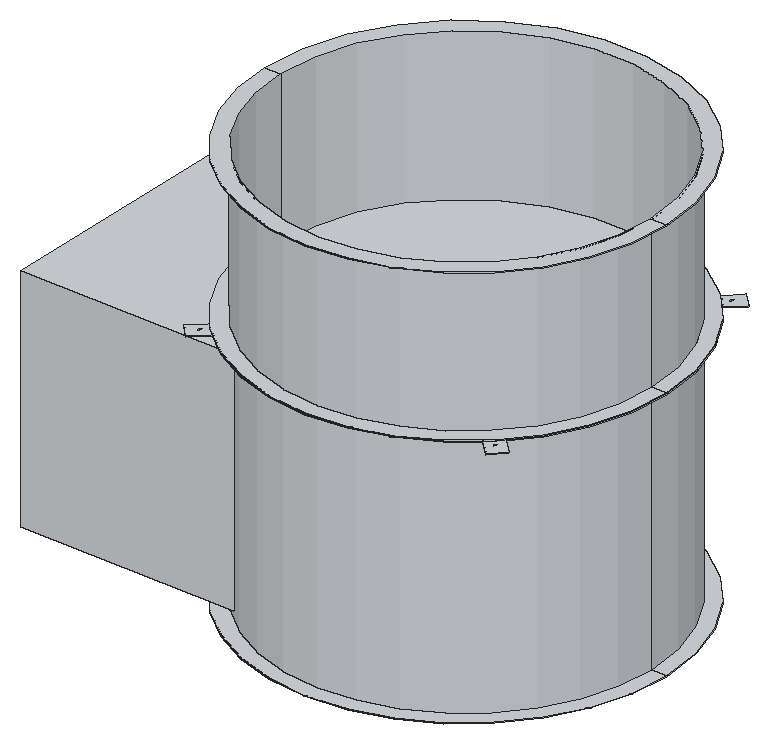
Revit family "AFBV-C_Upblast_Ceiling_Mount", category Mechanical Equipment, Revit 2019
Family settings
  Round Connector Dimension = Use Radius
  Part Type = Normal
  Work Plane-Based = No
  Always vertical = Yes
  Cut with Voids When Loaded = No
  Shared = No
  Room Calculation Point = No
Parameters (values of type "60_AFBV-C_UPBLAST_CEILING")
  VANE = 2' - 1"
  Unit Weight [instance] = ""
  ModelID [instance] = ""
  L/2 = L / 2  # 2' - 0 17/32"
  L = 4' - 1 1/16"
  K/2 = K / 2  # 0' - 0 7/32"
  K = 0' - 0 7/16"
  J/2 = J / 2  # 2' - 10 11/16"
  Accessories [instance] = ""
  45 = 45.00°  # constant formula
  (L-1")/2 = (L - 0' 1") / 2  # 2' - 0 1/32"
  (J+(J-A))/2 = (J + ((J - A) / 2)) / 2  # 3' - 0 11/16"
  J = 5' - 9 3/8"
  CENTER = 0' - 0"  # constant formula
  H-(A/2) = H - (A / 2)  # 2' - 0 1/16"
  H+J = H + CENTER  # 4' - 6 3/4"
  H = 4' - 6 3/4"
  Sones [instance] = ""
  Motor RPM [instance] = ""
  Motor Enclosure [instance] = ""
  LwA [instance] = ""
  G = 12' - 0"
  Fan RPM [instance] = ""
  F/2 = F / 2  # 0' - 1 1/2"
  F = 0' - 3"
  E/2 = E / 2  # 1' - 9"
  E-2" = E - 0' 2"  # 3' - 4"
  E = 3' - 6"
  C/2+J = C / 2 + CENTER  # 2' - 7 13/16"
  C/2 = C / 2  # 2' - 7 13/16"
  C = 5' - 3 5/8"
  B/2 = B / 2  # 2' - 9 3/8"
  B = 5' - 6 3/4"
  A/3 = A / 2.5  # 2' - 0.55"
  A/2 = A / 2  # 2' - 6 11/16"
  A = 5' - 1 3/8"
  60 = 60.00°  # constant formula
  30 = 30.00°  # constant formula
  3" = 0' - 3"  # constant formula
  Brake Hp [instance] = ""
  4" = 0' - 4"  # constant formula
  2' = 2' - 0"
  2" = 0' - 2"  # constant formula
  1" = 0' - 1"  # constant formula
  0 = 0' - 0"  # constant formula
  Voltage [instance] = 0 V
  URL = "www.lorencook.com"
  Type Comments = "Tube Axial Fan Upblast Ceiling Mount Belt Drive Arrangement 9"  # constant formula
  Static Pressure [instance] = 0.00 in-wg
  Power [instance] = Voltage * Motor FLA * sqrt(if(Phase = 3, 3, 1))  # 0 VA
  Phase [instance] = 0
  Number of Poles [instance] = 1
  Motor Hp [instance] = "0"
  Motor FLA [instance] = 0 A
  Model = "AFBV-C"  # constant formula
  Manufacturer = "Loren Cook Company"
  CFM [instance] = 0 CFM
  1.5 = 0' - 1 1/2"  # constant formula
  ONE EIGTH = 0' - 0 1/8"  # constant formula
  -E/2 = -E / 2  # -1' - 9"
  -(E-.25")/2 = -(E - 0' 0 1/4") / 2  # -1' - 8 7/8"
  (K/2)-((J-A-.25")/2) = (K / 2) - ((J - A - 0' 0 1/4") / 2)  # -0' - 3 21/32"
  (J-A-.25") = (J - A - 0' 0 1/4")  # 0' - 7 3/4"
  (H-(A/2))/2 = (H - (A / 2)) / 2  # 1' - 0 1/32"
  (E-.25")/2 = (E - 0' 0 1/4") / 2  # 1' - 8 7/8"
  (A+.25")/2 = (A + 0' 0 1/4") / 2  # 2' - 6 13/16"
Types (12): name | VANE | L/2 | L | K/2 | K | J/2 | (L-1")/2 | (J+(J-A))/2 | J | H-(A/2) | H+J | H | G | F/2 | F | E/2 | E-2" | E | C/2+J | C/2 | C | B/2 | B | A/3 | A/2 | A | -E/2 | -(E-.25")/2 | (K/2)-((J-A-.25")/2) | (J-A-.25") | (H-(A/2))/2 | (E-.25")/2 | (A+.25")/2
  (no name) | 2' - 1" | 2' - 0 17/32" | 4' - 1 1/16" | 0' - 0 7/32" | 0' - 0 7/16" | 2' - 10 11/16" | 2' - 0 1/32" | 3' - 0 11/16" | 5' - 9 3/8" | 2' - 0 1/16" | 4' - 6 3/4" | 4' - 6 3/4" | 12' - 0" | 0' - 1 1/2" | 0' - 3" | 1' - 9" | 3' - 4" | 3' - 6" | 2' - 7 13/16" | 2' - 7 13/16" | 5' - 3 5/8" | 2' - 9 3/8" | 5' - 6 3/4" | 2' - 0.55" | 2' - 6 11/16" | 5' - 1 3/8" | -1' - 9" | -1' - 8 7/8" | -0' - 3 21/32" | 0' - 7 3/4" | 1' - 0 1/32" | 1' - 8 7/8" | 2' - 6 13/16"
  12_AFBV-C_UPBLAST_CEILING | 0' - 6" | 0' - 6 3/8" | 1' - 0 3/4" | 0' - 0 3/16" | 0' - 0 3/8" | 0' - 9 1/32" | 0' - 5 7/8" | 0' - 10 21/64" | 1' - 6 1/16" | 1' - 6 3/16" | 2' - 0 5/8" | 2' - 0 5/8" | 6' - 0" | 0' - 0 5/32" | 0' - 0 5/16" | 0' - 11" | 1' - 8" | 1' - 10" | 0' - 7 5/16" | 0' - 7 5/16" | 1' - 2 5/8" | 0' - 7 13/16" | 1' - 3 5/8" | 0' - 5.15" | 0' - 6 7/16" | 1' - 0 7/8" | -0' - 11" | -0' - 10 7/8" | -0' - 2 9/32" | 0' - 4 15/16" | 0' - 9 3/32" | 0' - 10 7/8" | 0' - 6 9/16"
  16_AFBV-C_UPBLAST_CEILING | 0' - 10" | 0' - 7 13/16" | 1' - 3 5/8" | 0' - 0 3/16" | 0' - 0 3/8" | 0' - 11 1/32" | 0' - 7 5/16" | 1' - 0 21/64" | 1' - 10 1/16" | 1' - 9 11/16" | 2' - 6 1/8" | 2' - 6 1/8" | 6' - 0" | 0' - 0 5/32" | 0' - 0 5/16" | 1' - 0 1/2" | 1' - 11" | 2' - 1" | 0' - 9 5/16" | 0' - 9 5/16" | 1' - 6 5/8" | 0' - 9 13/16" | 1' - 7 5/8" | 0' - 6 3/4" | 0' - 8 7/16" | 1' - 4 7/8" | -1' - 0 1/2" | -1' - 0 3/8" | -0' - 2 9/32" | 0' - 4 15/16" | 0' - 10 27/32" | 1' - 0 3/8" | 0' - 8 9/16"
  18_AFBV-C_UPBLAST_CEILING | 0' - 11" | 0' - 8 1/2" | 1' - 5" | 0' - 0 3/16" | 0' - 0 3/8" | 1' - 0 1/32" | 0' - 8" | 1' - 1 21/64" | 2' - 0 1/16" | 1' - 9 11/16" | 2' - 7 1/8" | 2' - 7 1/8" | 6' - 0" | 0' - 0 5/32" | 0' - 0 5/16" | 1' - 0 1/2" | 1' - 11" | 2' - 1" | 0' - 10 5/16" | 0' - 10 5/16" | 1' - 8 5/8" | 0' - 10 13/16" | 1' - 9 5/8" | 0' - 7.55" | 0' - 9 7/16" | 1' - 6 7/8" | -1' - 0 1/2" | -1' - 0 3/8" | -0' - 2 9/32" | 0' - 4 15/16" | 0' - 10 27/32" | 1' - 0 3/8" | 0' - 9 9/16"
  24_AFBV-C_UPBLAST_CEILING | 1' - 1" | 0' - 10 7/8" | 1' - 9 3/4" | 0' - 0 3/16" | 0' - 0 3/8" | 1' - 3 13/32" | 0' - 10 3/8" | 1' - 4 57/64" | 2' - 6 13/16" | 2' - 3 7/16" | 3' - 3 7/8" | 3' - 3 7/8" | 6' - 0" | 0' - 0 7/32" | 0' - 0 7/16" | 1' - 3 1/2" | 2' - 5" | 2' - 7" | 1' - 1 7/16" | 1' - 1 7/16" | 2' - 2 7/8" | 1' - 2 9/16" | 2' - 5 1/8" | 0' - 9.95" | 1' - 0 7/16" | 2' - 0 7/8" | -1' - 3 1/2" | -1' - 3 3/8" | -0' - 2 21/32" | 0' - 5 11/16" | 1' - 1 23/32" | 1' - 3 3/8" | 1' - 0 9/16"
  28_AFBV-C_UPBLAST_CEILING | 1' - 1" | 1' - 0 5/16" | 2' - 0 5/8" | 0' - 0 3/16" | 0' - 0 3/8" | 1' - 5 13/32" | 0' - 11 13/16" | 1' - 6 57/64" | 2' - 10 13/16" | 2' - 3 7/16" | 3' - 5 7/8" | 3' - 5 7/8" | 6' - 0" | 0' - 0 7/32" | 0' - 0 7/16" | 1' - 3 1/2" | 2' - 5" | 2' - 7" | 1' - 3 7/16" | 1' - 3 7/16" | 2' - 6 7/8" | 1' - 4 9/16" | 2' - 9 1/8" | 0' - 11.55" | 1' - 2 7/16" | 2' - 4 7/8" | -1' - 3 1/2" | -1' - 3 3/8" | -0' - 2 21/32" | 0' - 5 11/16" | 1' - 1 23/32" | 1' - 3 3/8" | 1' - 2 9/16"
  32_AFBV-C_UPBLAST_CEILING | 1' - 3" | 1' - 2 1/8" | 2' - 4 1/4" | 0' - 0 7/32" | 0' - 0 7/16" | 1' - 7 31/32" | 1' - 1 5/8" | 1' - 9 45/64" | 3' - 3 15/16" | 2' - 4 3/4" | 3' - 9 1/4" | 3' - 9 1/4" | 6' - 0" | 0' - 0 7/32" | 0' - 0 7/16" | 1' - 5" | 2' - 8" | 2' - 10" | 1' - 5 1/2" | 1' - 5 1/2" | 2' - 11" | 1' - 6 5/8" | 3' - 1 1/4" | 1' - 1.2" | 1' - 4 1/2" | 2' - 9" | -1' - 5" | -1' - 4 7/8" | -0' - 3 1/8" | 0' - 6 11/16" | 1' - 2 3/8" | 1' - 4 7/8" | 1' - 4 5/8"
  36_AFBV-C_UPBLAST_CEILING | 1' - 4" | 1' - 3 17/32" | 2' - 7 1/16" | 0' - 0 7/32" | 0' - 0 7/16" | 1' - 9 31/32" | 1' - 3 1/32" | 1' - 11 45/64" | 3' - 7 15/16" | 2' - 4 3/4" | 3' - 11 1/4" | 3' - 11 1/4" | 6' - 0" | 0' - 0 7/32" | 0' - 0 7/16" | 1' - 5" | 2' - 8" | 2' - 10" | 1' - 7 1/2" | 1' - 7 1/2" | 3' - 3" | 1' - 8 11/16" | 3' - 5 3/8" | 1' - 2.8" | 1' - 6 1/2" | 3' - 1" | -1' - 5" | -1' - 4 7/8" | -0' - 3 1/8" | 0' - 6 11/16" | 1' - 2 3/8" | 1' - 4 7/8" | 1' - 6 5/8"
  44_AFBV-C_UPBLAST_CEILING | 1' - 7" | 1' - 6 3/8" | 3' - 0 3/4" | 0' - 0 7/32" | 0' - 0 7/16" | 2' - 2" | 1' - 5 7/8" | 2' - 3 3/4" | 4' - 4" | 3' - 0 1/4" | 4' - 10 3/4" | 4' - 10 3/4" | 12' - 0" | 0' - 0 7/32" | 0' - 0 7/16" | 1' - 9" | 3' - 4" | 3' - 6" | 1' - 11 3/4" | 1' - 11 3/4" | 3' - 11 1/2" | 2' - 0 11/16" | 4' - 1 3/8" | 1' - 6" | 1' - 10 1/2" | 3' - 9" | -1' - 9" | -1' - 8 7/8" | -0' - 3 5/32" | 0' - 6 3/4" | 1' - 6 1/8" | 1' - 8 7/8" | 1' - 10 5/8"
  48_AFBV-C_UPBLAST_CEILING | 1' - 10" | 1' - 8 3/16" | 3' - 4 3/8" | 0' - 0 7/32" | 0' - 0 7/16" | 2' - 4 9/16" | 1' - 7 11/16" | 2' - 6 9/16" | 4' - 9 1/8" | 3' - 0 3/16" | 5' - 0 3/4" | 5' - 0 3/4" | 12' - 0" | 0' - 0 7/32" | 0' - 0 7/16" | 1' - 9" | 3' - 4" | 3' - 6" | 2' - 1 13/16" | 2' - 1 13/16" | 4' - 3 5/8" | 2' - 2 3/4" | 4' - 5 1/2" | 1' - 7.65" | 2' - 0 9/16" | 4' - 1 1/8" | -1' - 9" | -1' - 8 7/8" | -0' - 3 21/32" | 0' - 7 3/4" | 1' - 6 3/32" | 1' - 8 7/8" | 2' - 0 11/16"
  54_AFBV-C_UPBLAST_CEILING | 1' - 11" | 1' - 10 1/2" | 3' - 9" | 0' - 0 7/32" | 0' - 0 7/16" | 2' - 7 13/16" | 1' - 10" | 2' - 9 7/8" | 5' - 3 5/8" | 2' - 0 1/16" | 4' - 3 3/4" | 4' - 3 3/4" | 12' - 0" | 0' - 0 7/32" | 0' - 0 7/16" | 1' - 9" | 3' - 4" | 3' - 6" | 2' - 4 13/16" | 2' - 4 13/16" | 4' - 9 5/8" | 2' - 6 3/8" | 5' - 0 3/4" | 1' - 10.15" | 2' - 3 11/16" | 4' - 7 3/8" | -1' - 9" | -1' - 8 7/8" | -0' - 3 25/32" | 0' - 8" | 1' - 0 1/32" | 1' - 8 7/8" | 2' - 3 13/16"
  60_AFBV-C_UPBLAST_CEILING | 2' - 1" | 2' - 0 17/32" | 4' - 1 1/16" | 0' - 0 7/32" | 0' - 0 7/16" | 2' - 10 11/16" | 2' - 0 1/32" | 3' - 0 11/16" | 5' - 9 3/8" | 2' - 0 1/16" | 4' - 6 3/4" | 4' - 6 3/4" | 12' - 0" | 0' - 1 1/2" | 0' - 3" | 1' - 9" | 3' - 4" | 3' - 6" | 2' - 7 13/16" | 2' - 7 13/16" | 5' - 3 5/8" | 2' - 9 3/8" | 5' - 6 3/4" | 2' - 0.55" | 2' - 6 11/16" | 5' - 1 3/8" | -1' - 9" | -1' - 8 7/8" | -0' - 3 21/32" | 0' - 7 3/4" | 1' - 0 1/32" | 1' - 8 7/8" | 2' - 6 13/16"
Reference planes (in)
  plane 1 "Center (Front/Back)": y = 0
  plane 2: z = 0
  plane 3 "Center (Left/Right)": x = 0.40541
Forms (in)
  Revolve 1, solid
    sketch origin (0, 0, 0) x (1, 0, 0) y (0, 0, 1)
      loop
        line (0.40541, -21) -> (33.78041, -21) -> (33.78041, -20.875) -> (31.21791, -20.875) -> (31.21791, 20.875) -> (33.78041, 20.875) -> (33.78041, 21) -> (0.40541, 21) -> (0.40541, -21)
      axis (0.40541, -21) -> (0.40541, 21)
    angle from 0 to 360
  Extrusion 2, solid
    sketch origin (0.40541, 0, 20.875) x (1, 0, 0) y (0, -1, 0)
      loop
        arc (-19.28495, -24.03125) -> (-30.8125, 0) -> (-19.28495, 24.03125) r 30.8125
        line (-19.28495, 24.03125) -> (-54.75, 24.03125) -> (-54.75, -24.03125) -> (-19.28495, -24.03125)
    from 40 <- "E-2"" to 2
  Extrusion 3, void
    sketch origin (0, 0, 0) x (1, 0, 0) y (0, 1, 0)
      loop
        circle (0.40541, 0) r 0.125
    from -21 <- "-E/2" to 21 <- "E/2"
  Extrusion 4, solid
    sketch origin (0, 0, 0) x (1, 0, 0) y (0, 1, 0)
      loop
        arc (-24.45422, 26.98095) -> (-25.53657, 25.94198) -> (-26.57554, 24.85963) r 36.6875
        line (-26.57554, 24.85963) -> (-24.23109, 22.51518)
        arc (-24.23109, 22.51518) -> (-23.19428, 23.59969) -> (-22.10977, 24.6365) r 33.375
        line (-22.10977, 24.6365) -> (-24.45422, 26.98095)
      loop
        arc (25.26504, -26.98095) -> (26.34739, -25.94198) -> (27.38636, -24.85963) r 36.6875
        line (27.38636, -24.85963) -> (25.04191, -22.51518)
        arc (25.04191, -22.51518) -> (24.0051, -23.59969) -> (22.92059, -24.6365) r 33.375
        line (22.92059, -24.6365) -> (25.26504, -26.98095)
      loop
        arc (-26.57554, -24.85963) -> (-25.53657, -25.94198) -> (-24.45422, -26.98095) r 36.6875
        line (-24.45422, -26.98095) -> (-22.10977, -24.6365)
        arc (-22.10977, -24.6365) -> (-23.19428, -23.59969) -> (-24.23109, -22.51518) r 33.375
        line (-24.23109, -22.51518) -> (-26.57554, -24.85963)
      loop
        arc (27.38636, 24.85963) -> (26.34739, 25.94198) -> (25.26504, 26.98095) r 36.6875
        line (25.26504, 26.98095) -> (22.92059, 24.6365)
        arc (22.92059, 24.6365) -> (24.0051, 23.59969) -> (25.04191, 22.51518) r 33.375
        line (25.04191, 22.51518) -> (27.38636, 24.85963)
    from 20.875 <- "(E-.25")/2" to 21 <- "E/2"
  Extrusion 5, void
    sketch origin (0, 0, 0) x (1, 0, 0) y (0, 1, 0)
      loop
        circle (24.93666, 24.53125) r 0.21875
      loop
        circle (-24.12584, 24.53125) r 0.21875
      loop
        circle (-24.12584, -24.53125) r 0.21875
      loop
        circle (24.93666, -24.53125) r 0.21875
    from 21 <- "E/2" to -21 <- "-E/2"
  Revolve 6, solid
    sketch origin (0, 0, 0) x (1, 0, 0) y (0, 0, 1)
      loop
        line (31.09291, 21) -> (33.78041, 21) -> (33.78041, 21.125) -> (31.21791, 21.125) -> (31.21791, 46) -> (33.78041, 46) -> (33.78041, 46.125) -> (31.09291, 46.125) -> (31.09291, 21)
      axis (0.40541, 46.125) -> (0.40541, 21)
    angle from 0 to 360
Cuts and joins
  Extrusion 3, Extrusion 5 cuts Revolve 1
  Extrusion 3, Extrusion 5 cuts Extrusion 2
  Extrusion 5 cuts Extrusion 4
Dimensions and locks (in)
  "0": Revolve 1 sketch curve to plane 3 "Center (Left/Right)"  (x2)
  "(A+.25")/2": Revolve 1 sketch curve to plane 3 "Center (Left/Right)"
  "B/2": Revolve 1 sketch curve to plane 3 "Center (Left/Right)"  (x2)
  "ONE EIGTH": Revolve 1 sketch curve to Revolve 1 sketch curve  (x2)
  "E": Revolve 1 sketch curve to Revolve 1 sketch curve
  "E/2": level to Revolve 1 sketch curve
  "H": Extrusion 2 sketch curve to plane 3 "Center (Left/Right)"
  "(L-1")/2": Extrusion 2 sketch curve to plane 1 "Center (Front/Back)"  (x2)
  "0": Extrusion 2 sketch curve to plane 3 "Center (Left/Right)"
  "0": Extrusion 2 sketch curve to plane 1 "Center (Front/Back)"
  "0": Extrusion 3 sketch curve to plane 3 "Center (Left/Right)"
  "0": plane 1 "Center (Front/Back)" to Extrusion 3 sketch curve
  "0": Extrusion 4 sketch curve to plane 3 "Center (Left/Right)"  (x8)
  "0": Extrusion 4 sketch curve to plane 1 "Center (Front/Back)"  (x8)
  "1.5": plane 3 "Center (Left/Right)" to Extrusion 4 sketch curve  (x3)
  "3"": Extrusion 4 sketch curve to Extrusion 4 sketch curve  (x4)
  "1.5": Extrusion 4 sketch curve to plane 3 "Center (Left/Right)"
  "L/2": plane 3 "Center (Left/Right)" to Extrusion 5 sketch curve  (x4)
  "L/2": plane 1 "Center (Front/Back)" to Extrusion 5 sketch curve  (x4)
  "0": Revolve 6 sketch curve to plane 3 "Center (Left/Right)"
  "0": Revolve 6 sketch curve to cut or joined group of Extrusion 4, Extrusion 5
  "ONE EIGTH": Revolve 6 sketch curve to Revolve 6 sketch curve  (x3)
  "(A+.25")/2": plane 3 "Center (Left/Right)" to Revolve 6 sketch curve
  "B/2": Revolve 6 sketch curve to plane 3 "Center (Left/Right)"  (x2)
  "VANE": Revolve 6 sketch curve to cut or joined group of Revolve 1, Extrusion 3, Extrusion 5
  "(A+.25")/2": radius of Extrusion 2 sketch curve
  "ONE EIGTH": radius of Extrusion 3 sketch curve
  "(J+(J-A))/2": radius of Extrusion 4 sketch curve  (x4)
  "B/2": radius of Extrusion 4 sketch curve  (x4)
  "K/2": radius of Extrusion 5 sketch curve  (x4)
  "45": angle Extrusion 4 sketch curve to plane 3 "Center (Left/Right)"
  "45": angle Extrusion 4 sketch curve to plane 1 "Center (Front/Back)"  (x2)
  "45": angle plane 1 "Center (Front/Back)" to Extrusion 4 sketch curve
Automatic sketch dimensions
  Revolve 1 sketch curve to Revolve 1 sketch curve = 0' - 0"
  Revolve 1 sketch curve to Revolve 1 sketch curve = 1' - 6"
  Extrusion 2 sketch curve to Extrusion 2 sketch curve = 0' - 0"
  Revolve 6 sketch curve to Revolve 6 sketch curve = 0' - 1"
  Revolve 6 sketch curve to Revolve 6 sketch curve = 0' - 5"
Connectors (in)
  electrical at (-36.61206, -24.03125, -0.125)
    settings: on Extrusion 2, index 1, voltage 0 V, apparent load 0 VA, apparent load phase1 0 VA, apparent load phase2 0 VA, apparent load phase3 0 VA, power factor 1, load classification "Other", number of poles 1, system type 30, power factor state 1, is connector primary yes, connector utility no, sub classification motor no, connector description ""
  hvac at (0.40541, 0, -21), driven by "A/2"
    settings: on cut or joined group of Revolve 1, Extrusion 3, Extrusion 5, index 4, duct flow 0 CFM, flow factor 0, pres drop 0.00 in-wg, loss coef 0, conn angle 0.00°, conn width 12", conn height 12", conn diameter 61 3/8", duct sys type 29, conn prof type 0, flow config 0, flow direction 1, loss method 0, conn ref index -1, conn util no, is conn primary yes, conn desc ""
  hvac at (0.40541, 0, 46.125), driven by "A/2"
    settings: on Revolve 6, index 5, duct flow 0 CFM, flow factor 0, pres drop 0.00 in-wg, loss coef 0, conn angle 0.00°, conn width 12", conn height 12", conn diameter 61 3/8", duct sys type 29, conn prof type 0, flow config 0, flow direction 2, loss method 0, conn ref index -1, conn util no, is conn primary no, conn desc ""
